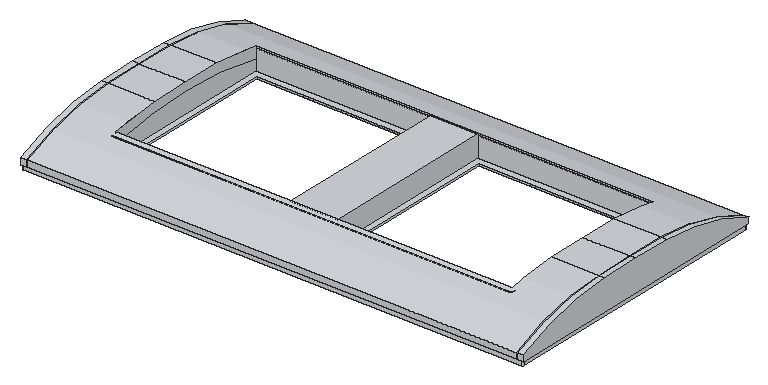
Revit family "Gira_021213", category Electrical Fixtures, host Face, Revit 2017
Family settings
  Host = Face
  Maintain Annotation Orientation = No
  Round Connector Dimension = Use Diameter
  Part Type = Normal
  Cut with Voids When Loaded = No
  Shared = No
  Room Calculation Point = No
Parameters (values of type "Abdeckrahmen 2f Zwischenr. AN Gira Event Opak Dklbraun")
  Werkstoffgüte = "Thermoplast"
  Werkstoff = "Kunststoff"
  URL = "http://katalog.gira.de/de_DE/datenblatt.html?artikelnr=021213"
  Transparent = "No"
  Textfeld/Beschriftungsfläche = "No"
  Schutzart (IP) = "IP20"
  Region = "DE"
  Oberfläche = "sonstige"
  Name = "Abdeckrahmen 2f Zwischenr. AN Gira Event Opak Dklbraun"
  Montagerichtung = "horizontal und vertikal"
  Mit Montagerahmen = "No"
  Mit Klappdeckel = "No"
  Manufacturer URL = "https://www.gira.de/"
  Keynote = "Event_Rahmen_2fach"
  HeinzeBIM = "https://bimportal.heinze.de/bim/abdeckrahmen-2f-zwischenr-an-gira-event-opak-dklbraun/13d77283cf392824c92996e879d47d07369f5f02"
  Halogenfrei = "Yes"
  HAN = "021213"
  Geeignet für Unterputz-Installation = "Yes"
  Geeignet für Unterflurkanaldose = "No"
  Geeignet für Geräteeinbaukanal = "No"
  Geeignet für Einbauinstallation = "No"
  GTIN = "4010337003106"
  Farbe = "braun"
  Default Elevation = 1219.2 mm
  Data sheet (1) = "https://katalog.gira.de/de_DE/download.html?artikelnr=021213"
  Category = "Abdeckrahmen"
  Befestigungsart = "Klemmbefestigung"
  Available = "Yes"
  Anzahl der Einheiten vertikal = "2 "
  Anzahl der Einheiten horizontal = "2 "
  Anzahl der Einheiten = "2 "
Reference planes
  plane 1 "Center (Front/Back)": y = 0
  plane 2: z = 0
  plane 3 "Center (Left/Right)": x = 0
Forms (mm)
  Extrusion 1, solid, detail levels fine
    sketch origin (0, 0, 0.05) x (0, 1, 0) y (0, 0, 1)
      loop
        arc (12.445, 9.683) -> (6.223, 9.833) -> (0, 9.85) r 291.636
        arc (0, 9.85) -> (-6.223, 9.833) -> (-12.445, 9.683) r 291.636
        arc (-12.445, 9.683) -> (-29.14, 7.482) -> (-45, 1.823) r 79.728
        line (-45, 1.823) -> (-45, -0.05) -> (-42.086, -0.05)
        arc (-42.086, -0.05) -> (-21.385, 5.559) -> (0, 7.206) r 114.424
        arc (0, 7.206) -> (21.385, 5.559) -> (42.086, -0.05) r 114.424
        line (42.086, -0.05) -> (45, -0.05) -> (45, 1.823)
        arc (45, 1.823) -> (29.14, 7.482) -> (12.445, 9.683) r 79.728
    from -78.55 to 78.55
  Extrusion 2, void, detail levels fine
    sketch origin (0, 0, 0) x (1, 0, 0) y (0, 1, 0)
      loop
        line (-63.55, -27.937) -> (63.55, -27.937) -> (63.55, 28.063) -> (-63.55, 28.063) -> (-63.55, -27.937)
    from 0.724 to 11
  Extrusion 3, solid, detail levels coarse
    sketch origin (0, 0, 0) x (1, 0, 0) y (0, 1, 0)
      loop
        line (-80.55, 45) -> (-80.55, -45) -> (80.55, -45) -> (80.55, 45) -> (-80.55, 45)
    from -1.5 to 9.9
  Extrusion 4, solid, detail levels medium
    sketch origin (0, 0, 0.05) x (0, 1, 0) y (0, 0, 1)
      loop
        arc (12.445, 9.683) -> (6.223, 9.833) -> (0, 9.85) r 291.636
        arc (0, 9.85) -> (-6.223, 9.833) -> (-12.445, 9.683) r 291.636
        arc (-12.445, 9.683) -> (-29.14, 7.482) -> (-45, 1.823) r 79.728
        line (-45, 1.823) -> (-45, -0.05) -> (45, -0.05) -> (45, 1.823)
        arc (45, 1.823) -> (29.14, 7.482) -> (12.445, 9.683) r 79.728
    from -80.55 to 80.55
  Extrusion 5, solid, detail levels fine
    sketch origin (-35.55, 0, -1.5) x (0, 1, 0) y (0, 0, -1)
      loop
        line (45, -3.373) -> (45, -1.5) -> (-45, -1.5) -> (-45, -3.373)
        arc (-45, -3.373) -> (-29.14, -9.032) -> (-12.445, -11.233) r 79.728
        arc (-12.445, -11.233) -> (-6.223, -11.383) -> (0, -11.4) r 291.636
        arc (0, -11.4) -> (6.223, -11.383) -> (12.445, -11.233) r 291.636
        arc (12.445, -11.233) -> (29.14, -9.032) -> (45, -3.373) r 79.728
    from 43 to 45
  Extrusion 6, solid, detail levels fine
    sketch origin (0, 0, 0) x (1, 0, 0) y (0, 1, 0)
      loop
        line (-61.45, 25.7) -> (-61.45, -25.7) -> (-9.65, -25.7) -> (-9.65, 25.7) -> (-61.45, 25.7)
      loop
        line (61.45, -25.7) -> (61.45, 25.7) -> (9.65, 25.7) -> (9.65, -25.7) -> (61.45, -25.7)
      loop
        line (-64.445, 28.49) -> (-64.445, -28.495)
        spline (-64.445, -28.495) -> (-64.436, -28.625) -> (-64.411, -28.754) -> (-64.369, -28.878) -> (-64.311, -28.995) -> (-64.238, -29.104) -> (-64.152, -29.202) -> (-64.054, -29.288) -> (-63.945, -29.361) -> (-63.828, -29.419) -> (-63.704, -29.461) -> (-63.575, -29.486) -> (-63.445, -29.495)
        line (-63.445, -29.495) -> (63.445, -29.495)
        spline (63.445, -29.495) -> (63.575, -29.486) -> (63.704, -29.461) -> (63.828, -29.419) -> (63.945, -29.361) -> (64.054, -29.288) -> (64.152, -29.202) -> (64.238, -29.104) -> (64.311, -28.995) -> (64.369, -28.878) -> (64.411, -28.754) -> (64.436, -28.625) -> (64.445, -28.495)
        line (64.445, -28.495) -> (64.445, 28.49)
        spline (64.445, 28.49) -> (64.436, 28.62) -> (64.411, 28.748) -> (64.369, 28.872) -> (64.311, 28.99) -> (64.238, 29.098) -> (64.152, 29.197) -> (64.054, 29.283) -> (63.945, 29.356) -> (63.828, 29.413) -> (63.704, 29.456) -> (63.575, 29.481) -> (63.445, 29.49)
        line (63.445, 29.49) -> (-63.445, 29.49)
        spline (-63.445, 29.49) -> (-63.575, 29.481) -> (-63.704, 29.456) -> (-63.828, 29.413) -> (-63.945, 29.356) -> (-64.054, 29.283) -> (-64.152, 29.197) -> (-64.238, 29.098) -> (-64.311, 28.99) -> (-64.369, 28.872) -> (-64.411, 28.748) -> (-64.436, 28.62) -> (-64.445, 28.49)
    from 0.1 to 7.3
  Extrusion 7, solid
    sketch origin (0, 0, 0) x (1, 0, 0) y (0, 1, 0)
      loop
        arc (-80.25, -44.2) -> (-80.104, -44.554) -> (-79.75, -44.7) r 0.5
        line (-79.75, -44.7) -> (79.75, -44.7)
        arc (79.75, -44.7) -> (80.104, -44.554) -> (80.25, -44.2) r 0.5
        line (80.25, -44.2) -> (80.25, 44.2)
        arc (80.25, 44.2) -> (80.104, 44.554) -> (79.75, 44.7) r 0.5
        line (79.75, 44.7) -> (-79.75, 44.7)
        arc (-79.75, 44.7) -> (-80.104, 44.554) -> (-80.25, 44.2) r 0.5
        line (-80.25, 44.2) -> (-80.25, -44.2)
      loop
        line (-78.55, 43) -> (-78.55, -43) -> (78.55, -43) -> (78.55, 43) -> (-78.55, 43)
    from -1.5 to 0.5
  Extrusion 8, solid, detail levels fine
    sketch origin (35.55, 0, -1.5) x (0, 1, 0) y (0, 0, 1)
      loop
        arc (45, 3.373) -> (29.14, 9.032) -> (12.445, 11.233) r 79.728
        arc (12.445, 11.233) -> (6.223, 11.383) -> (0, 11.4) r 291.636
        arc (0, 11.4) -> (-6.223, 11.383) -> (-12.445, 11.233) r 291.636
        arc (-12.445, 11.233) -> (-29.14, 9.032) -> (-45, 3.373) r 79.728
        line (-45, 3.373) -> (-45, 1.5) -> (45, 1.5) -> (45, 3.373)
    from 43 to 45
  Extrusion 9, solid, detail levels medium
    sketch origin (0, 0, 0) x (1, 0, 0) y (0, 1, 0)
      loop
        line (-80.25, -44.7) -> (80.25, -44.7) -> (80.25, 44.7) -> (-80.25, 44.7) -> (-80.25, -44.7)
    from -1.5 to 0.5
  Extrusion 10, solid, detail levels fine
    sketch origin (0, 0, 0) x (1, 0, 0) y (0, 1, 0)
      loop
        line (-7.55, 28.063) -> (-7.55, -27.937) -> (7.55, -27.937) -> (7.55, 28.063) -> (-7.55, 28.063)
    from 0.724 to 7.566
Cuts and joins
  Extrusion 2 cuts Extrusion 1
  Extrusion 2 cuts Extrusion 6
Dimensions and locks
  aligned and locked: plane 2 to host face
  aligned and locked: level to host face
